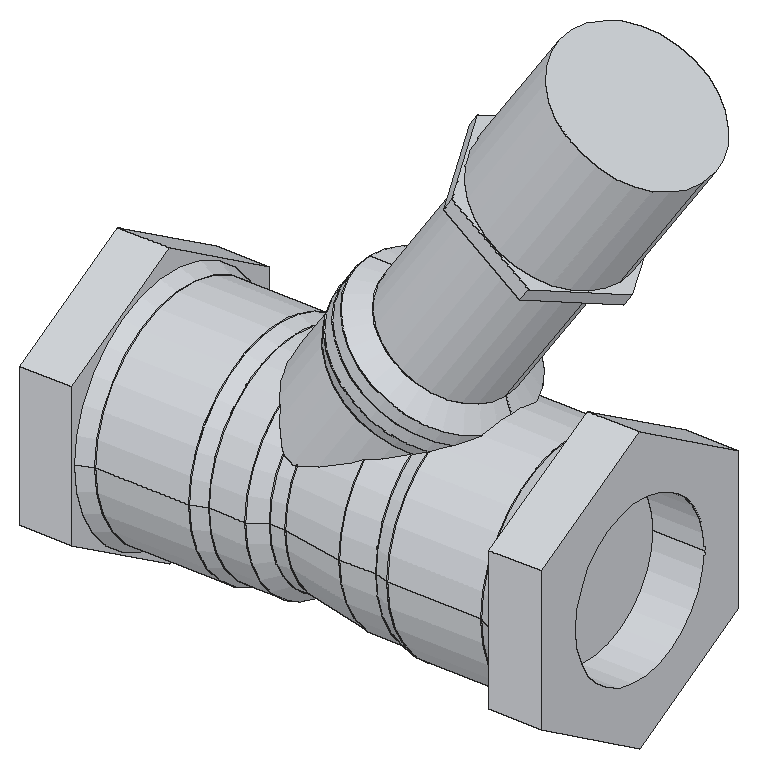
Revit family "DPRV_DN032_RFA_2019", category Pipe Accessories, Revit 2019
Family settings
  Round Connector Dimension = Use Diameter
  Part Type = Valve - Breaks Into
  Work Plane-Based = No
  Always vertical = Yes
  Cut with Voids When Loaded = No
  Shared = No
Parameters (values of type "DPRV-DN32")
  magiProductId = "4b273c145a0a4466be66f0b82dd13f"
  magiProductFamilyId = "2368235d042246b783f613dde97580"
  magiPartTypeId = 304
  isMeasuringValve [instance] = no
  ang2D [instance] = 0.00°
  Z1 = 28.27 mm
  Y6 = 23.8 mm
  Y5 = 21.4 mm
  Y3 = 22.4 mm
  Y15 = 15.759 mm
  Y14 = 18.54 mm
  Y12 = 13.39 mm
  Y11 = 17.51 mm
  Y10 = 16.48 mm
  Y0 = 19.26 mm
  XT0 = 8 mm
  X7 = 7.21 mm
  X6__ve = -X6  # -18.54 mm
  X6 = 18.54 mm
  X3 = 3.09 mm
  X1__ve = -X1  # -10.3 mm
  X1 = 10.3 mm
  X0 = 51.5 mm
  W2D = 15 mm
  VersionID = "2.0/2018.12.13.2/FRESE_DPRV_001"
  Use Minimum Symbol Size [instance] = no
  URL = "www.hydronix.cz"
  Type Comments = "závitový s vnitřním závitem; PN25; dpmax=600kPa; -20~+120°C"
  QmdConnectorList = "301;D;302;D"
  Productdata [instance] = ""
  Manufacturer = "Hydronix"
  MC Use Limits From Balancing Method = no
  MC Throttling Minimum Value = 0
  MC Throttling Maximum Value = 0
  MC Product Code = "48-0078; DN32 FF; nastavitelný rozsah 10-60kPa; kvs=10,5"
  MC Pressure Drop Minimum Value = 0.0 Pa
  MC Pressure Drop Maximum Value = 0.0 Pa
  MC Piping Given Pressure Drop [instance] = 0.0 Pa
  L3 = 28 mm
  L2D_Min = 30.48 mm
  L2D = 70 mm
  H6 = 33.27 mm
  H5 = 2.827 mm
  H2 = 23.558 mm
  Description = "Nastavitelný přepouštěcí ventil"
  DT2 = 16 mm
  D = 32 mm
  CenSd_Y14_6 = Y14 * cos(30.00°)  # 16.056 mm
  CenSd_L3_6 = L3 * cos(30.00°)  # 24.249 mm
  AA3 = 4.131 mm
  AA2 = 7.203 mm
Types (4, lengths in mm): name | magiProductId | Z1 | Y6 | Y5 | Y3 | Y15 | Y14 | Y12 | Y11 | Y10 | Y0 | X7 | X6__ve | X6 | X3 | X1__ve | X1 | X0 | MC Product Code | L3 | H6 | H5 | H2 | DT2 | D | CenSd_Y14_6 | CenSd_L3_6 | AA3 | AA2
  DPRV-DN15 | "0a1695ce379549c5bda4e9817c8a32" | 26.012 | 12.75 | 11 | 12 | 10.71 | 12.6 | 9.1 | 11.9 | 11.2 | 9.9 | 4.9 | -12.6 | 12.6 | 2.1 | -7 | 7 | 35 | "48-0075; DN15 FF; nastavitelný rozsah 10-60kPa; kvs=3,5" | 15 | 31.012 | 2.601 | 21.677 | 7.5 | 15 | 10.912 | 12.99 | 2.941 | 5.127
  DPRV-DN20 | "7bf90d6895024d90850a4e7c13d0c4" | 26.304 | 15.3 | 13.4 | 14.4 | 11.934 | 14.04 | 10.14 | 13.26 | 12.48 | 12.06 | 5.46 | -14.04 | 14.04 | 2.34 | -7.8 | 7.8 | 39 | "48-0076; DN20 FF; nastavitelný rozsah 10-60kPa; kvs=3,7" | 18 | 31.304 | 2.63 | 21.92 | 10 | 20 | 12.159 | 15.588 | 3.081 | 5.371
  DPRV-DN25 | "8f5d2c47d0804d84a9ee1a0f7163ce" | 28.345 | 19.55 | 17.4 | 18.4 | 13.311 | 15.66 | 11.31 | 14.79 | 13.92 | 15.66 | 6.09 | -15.66 | 15.66 | 2.61 | -8.7 | 8.7 | 43.5 | "48-0077; DN25 FF; nastavitelný rozsah 10-60kPa; kvs=8,3" | 23 | 33.345 | 2.835 | 23.621 | 12.5 | 25 | 13.562 | 19.919 | 3.991 | 6.958
  DPRV-DN32 | "4b273c145a0a4466be66f0b82dd13f" | 28.27 | 23.8 | 21.4 | 22.4 | 15.759 | 18.54 | 13.39 | 17.51 | 16.48 | 19.26 | 7.21 | -18.54 | 18.54 | 3.09 | -10.3 | 10.3 | 51.5 | "48-0078; DN32 FF; nastavitelný rozsah 10-60kPa; kvs=10,5" | 28 | 33.27 | 2.827 | 23.558 | 16 | 32 | 16.056 | 24.249 | 4.131 | 7.203
Reference planes
  plane 1 "Center (Front/Back)": y = 0
  plane 2 "XYPLANE": z = 0
  plane 3 "Center (Left/Right)": x = 0
  plane 4 "733": through (-616.734, 0, 426.798) normal (0.5736, 0, 0.8192)
  plane 5 "722": through (-614.364, 0, 430.182) normal (0.5736, 0, 0.8192)
  plane 6 "680": through (-594.366, 0, 458.743) normal (0.5736, 0, 0.8192)
  plane 7 "673": through (-573.661, 0, 488.312) normal (0.5736, 0, 0.8192)
  plane 8 "667": x = 9.27
  plane 9 "666": x = -3.09
  plane 10 "664": x = -6.18
  plane 11 "662": x = -9.27
  plane 12 "540": through (-597.609, 0, 454.112) normal (0.5736, 0, 0.8192)
  plane 13 "539": through (-575.283, 0, 485.996) normal (0.5736, 0, 0.8192)
  plane 14 "535": through (-595.987, 0, 456.427) normal (0.5736, 0, 0.8192)
  plane 15 "531": through (-599.23, 0, 451.796) normal (0.5736, 0, 0.8192)
  plane 16 "528": through (-600.852, 0, 449.48) normal (0.5736, 0, 0.8192)
  plane 17 "512": y = 0
  plane 18 "510": through (424.282, 0, 618.495) normal (0.8192, 0, -0.5736)
  plane 19 "369": x = 16.48
  plane 20 "367": x = 19.57
  plane 21 "366": x = 41.2
  plane 22 "365": x = 38.11
  plane 23 "354": x = -16.48
  plane 24 "54": x = -19.57
  plane 25 "49": x = -38.11
  plane 26 "18": x = -41.2
  plane 27 "8": x = 51.5
  plane 28 "7": x = -51.5
  plane 29 "3": z = 0
  plane 30 "2": y = 0
  plane 31 "507XY": through (-614.364, 0, 430.182) normal (0.5736, 0, 0.8192)
  plane 32 "507XZ": y = 0
  plane 33 "507YZ": through (430.182, 0, 614.364) normal (0.8192, 0, -0.5736)
Forms (mm)
  Extrusion 1, solid
    sketch origin (-573.661, 0, 488.312) x (0.819152, 0, -0.573576) y (0, 1, 0)
      loop
        circle (742.797, 0) r 15.759
    from 0 to 28.27 <- "Z1"
  Extrusion 2, solid
    sketch origin (-575.283, 0, 485.996) x (0.819152, 0, -0.573576) y (0, 1, 0)
      loop
        line (761.337, 0) -> (752.067, 16.056) -> (733.527, 16.056) -> (724.257, 0) -> (733.527, -16.056) -> (752.067, -16.056) -> (761.337, 0)
    from 0 to 2.827 <- "H5"
  Blend 3, solid
    base sketch origin (-595.987, 0, 456.427) x (0.819152, 0, -0.573576) y (0, 1, 0)
      loop
        circle (742.797, 0) r 17.51
    top sketch origin (-595.987, 0, 456.427) x (0.819152, 0, -0.573576) y (0, 1, 0)
      loop
        circle (742.797, 0) r 13.39
    from 0 to 2.827
  Blend 4, solid
    base sketch origin (-600.852, 0, 449.48) x (0.819152, 0, -0.573576) y (0, 1, 0)
      loop
        circle (742.797, 0) r 16.48
    top sketch origin (-600.852, 0, 449.48) x (0.819152, 0, -0.573576) y (0, 1, 0)
      loop
        circle (742.797, 0) r 17.51
    from 0 to 2.827
  Blend 5, solid
    base sketch origin (-3.09, -750, 0) x (0, 1, 0) y (0, 0, 1)
      loop
        circle (750, 0) r 19.26
    top sketch origin (-3.09, -750, 0) x (0, 1, 0) y (0, 0, 1)
      loop
        circle (750, 0) r 21.4
    from 0 to 12.36
  Extrusion 6, solid
    sketch origin (-6.18, -750, 0) x (0, 1, 0) y (0, 0, 1)
      loop
        circle (750, 0) r 19.26
    from 0 to 3.09 <- "X3"
  Blend 7, solid
    base sketch origin (-9.27, -750, 0) x (0, 1, 0) y (0, 0, 1)
      loop
        circle (750, 0) r 21.4
    top sketch origin (-9.27, -750, 0) x (0, 1, 0) y (0, 0, 1)
      loop
        circle (750, 0) r 19.26
    from 0 to 3.09
  Extrusion 8, solid
    sketch origin (9.27, -750, 0) x (0, 1, 0) y (0, 0, 1)
      loop
        circle (750, 0) r 21.4
    from 0 to 7.21 <- "X7"
  Blend 9, solid
    base sketch origin (-614.364, 0, 430.182) x (0.819152, 0, -0.573576) y (0, 1, 0)
      loop
        circle (742.797, 0) r 16.48
    top sketch origin (-614.364, 0, 430.182) x (0.819152, 0, -0.573576) y (0, 1, 0)
      loop
        circle (742.797, 0) r 8
    from 0 to -4.131
  Extrusion 10, solid
    sketch origin (-594.366, 0, 458.743) x (0.819152, 0, -0.573576) y (0, 1, 0)
      loop
        circle (742.797, 0) r 13.39
    from 0 to 33.27 <- "H6"
  Extrusion 11, solid
    sketch origin (-597.609, 0, 454.112) x (0.819152, 0, -0.573576) y (0, 1, 0)
      loop
        circle (742.797, 0) r 17.51
    from 0 to 2.827 <- "H5"
  Extrusion 12, solid
    sketch origin (-599.23, 0, 451.796) x (0.819152, 0, -0.573576) y (0, 1, 0)
      loop
        circle (742.797, 0) r 17.51
    from 0 to 2.827 <- "H5"
  Extrusion 13, solid
    sketch origin (-614.364, 0, 430.182) x (0.819152, 0, -0.573576) y (0, 1, 0)
      loop
        circle (742.797, 0) r 16.48
    from 0 to 23.558 <- "H2"
  Blend 14, solid
    base sketch origin (19.57, -750, 0) x (0, 1, 0) y (0, 0, 1)
      loop
        circle (750, 0) r 22.4
    top sketch origin (19.57, -750, 0) x (0, 1, 0) y (0, 0, 1)
      loop
        circle (750, 0) r 21.4
    from 0 to -3.09
  Extrusion 15, solid
    sketch origin (38.11, -750, 0) x (0, 1, 0) y (0, 0, 1)
      loop
        circle (750, 0) r 22.4
    from 0 to -18.54 <- "X6__ve"
  Extrusion 16, solid
    sketch origin (-16.48, -750, 0) x (0, 1, 0) y (0, 0, 1)
      loop
        circle (750, 0) r 21.4
    from 0 to 7.21 <- "X7"
  Extrusion 17, solid
    sketch origin (-38.11, -750, 0) x (0, 1, 0) y (0, 0, 1)
      loop
        circle (750, 0) r 22.4
    from 0 to 18.54 <- "X6"
  Blend 18, solid
    base sketch origin (-19.57, -750, 0) x (0, 1, 0) y (0, 0, 1)
      loop
        circle (750, 0) r 22.4
    top sketch origin (-19.57, -750, 0) x (0, 1, 0) y (0, 0, 1)
      loop
        circle (750, 0) r 21.4
    from 0 to 3.09
  Extrusion 19, solid
    sketch origin (-51.5, -750, 0) x (0, 1, 0) y (0, 0, 1)
      loop
        line (750, 28) -> (725.751, 14) -> (725.751, -14) -> (750, -28) -> (774.249, -14) -> (774.249, 14) -> (750, 28)
      loop
        circle (750, 0) r 16
    from 0 to 10.3 <- "X1"
  Blend 20, solid
    base sketch origin (41.2, -750, 0) x (0, 1, 0) y (0, 0, 1)
      loop
        circle (750, 0) r 23.8
    top sketch origin (41.2, -750, 0) x (0, 1, 0) y (0, 0, 1)
      loop
        circle (750, 0) r 22.4
    from 0 to -3.09
  Extrusion 21, solid
    sketch origin (51.5, -750, 0) x (0, 1, 0) y (0, 0, 1)
      loop
        line (750, 28) -> (725.751, 14) -> (725.751, -14) -> (750, -28) -> (774.249, -14) -> (774.249, 14) -> (750, 28)
      loop
        circle (750, 0) r 16
    from 0 to -10.3 <- "X1__ve"
  Blend 22, solid
    base sketch origin (-41.2, -750, 0) x (0, 1, 0) y (0, 0, 1)
      loop
        circle (750, 0) r 23.8
    top sketch origin (-41.2, -750, 0) x (0, 1, 0) y (0, 0, 1)
      loop
        circle (750, 0) r 22.4
    from 0 to 3.09
  Extrusion 23, solid, not visible
    sketch origin (51.5, -750, 0) x (0, 1, 0) y (0, 0, 1)
      loop
        circle (750, 0) r 10
    from 0 to -10
  Extrusion 24, solid, not visible
    sketch origin (-51.5, -750, 0) x (0, 1, 0) y (0, 0, 1)
      loop
        circle (750, 0) r 10
    from 0 to 10
Lines and regions (mm)
  reference lines, not visible
    curve 1: circle (2, 2, 0) r 1 normal (0, 0, 1)
  reference lines
    curve 2: line (33.181, 0, 59.945) -> (30.601, 5.456, 61.752)
    curve 3: line (33.181, 0, 59.945) -> (28.021, 0, 63.558)
    curve 4: line (33.181, 0, 59.945) -> (30.601, -5.456, 61.752)
    curve 5: line (-51.5, 0, 0) -> (-51.5, -6.495, -3.75)
    curve 6: line (-51.5, 0, 0) -> (-51.5, 0, -7.5)
    curve 7: line (-51.5, 0, 0) -> (-51.5, 6.495, -3.75)
    curve 8: line (51.5, 0, 0) -> (51.5, -6.495, -3.75)
    curve 9: line (51.5, 0, 0) -> (51.5, 0, -7.5)
    curve 10: line (51.5, 0, 0) -> (51.5, 6.495, -3.75)
Dimensions and locks
  plane 1 "Center (Front/Back)" to curve 1 = 2 mm
  "AA3": plane 31 "507XY" to plane 4 "733"
  locked: plane 31 "507XY" to plane 5 "722"
  "H5": plane 14 "535" to plane 6 "680"
  "H5": plane 13 "539" to plane 7 "673"
  "X7": plane 19 "369" to plane 8 "667"
  "X3": plane 10 "664" to plane 9 "666"
  "X3": plane 11 "662" to plane 10 "664"
  "X7": plane 23 "354" to plane 11 "662"
  "H5": plane 15 "531" to plane 12 "540"
  "H6": plane 6 "680" to plane 13 "539"
  "H5": plane 12 "540" to plane 14 "535"
  "H5": plane 16 "528" to plane 15 "531"
  "H2": plane 31 "507XY" to plane 16 "528"
  locked: plane 32 "507XZ" to plane 17 "512"
  "AA2": plane 33 "507YZ" to plane 18 "510"
  "X3": plane 20 "367" to plane 19 "369"
  "X6": plane 22 "365" to plane 20 "367"
  "X1": plane 27 "8" to plane 21 "366"
  "X3": plane 21 "366" to plane 22 "365"
  "X3": plane 24 "54" to plane 23 "354"
  "X6": plane 25 "49" to plane 24 "54"
  "X3": plane 26 "18" to plane 25 "49"
  "X1": plane 28 "7" to plane 26 "18"
  "X0": plane 3 "Center (Left/Right)" to plane 27 "8"
  "X0": plane 3 "Center (Left/Right)" to plane 28 "7"
  locked: plane 2 "XYPLANE" to plane 29 "3"
  locked: plane 1 "Center (Front/Back)" to plane 30 "2"
  "CenSd_Y14_6": curve 2 to Extrusion 2 sketch curve  (x2)
  "CenSd_Y14_6": curve 3 to Extrusion 2 sketch curve  (x2)
  "CenSd_Y14_6": curve 4 to Extrusion 2 sketch curve  (x2)
  Extrusion 2 sketch curve to Extrusion 2 sketch curve = 0 mm  (x12)
  "CenSd_L3_6": curve 5 to Extrusion 19 sketch curve  (x2)
  "CenSd_L3_6": curve 6 to Extrusion 19 sketch curve  (x2)
  "CenSd_L3_6": curve 7 to Extrusion 19 sketch curve  (x2)
  Extrusion 19 sketch curve to Extrusion 19 sketch curve = 0 mm  (x12)
  "CenSd_L3_6": curve 8 to Extrusion 21 sketch curve  (x2)
  "CenSd_L3_6": curve 9 to Extrusion 21 sketch curve  (x2)
  "CenSd_L3_6": curve 10 to Extrusion 21 sketch curve  (x2)
  Extrusion 21 sketch curve to Extrusion 21 sketch curve = 0 mm  (x12)
  "Y15": radius of Extrusion 1 sketch curve
  "Y12": radius of Blend 3 sketch curve
  "Y11": radius of Blend 3 sketch curve
  "Y11": radius of Blend 4 sketch curve
  "Y10": radius of Blend 4 sketch curve
  "Y5": radius of Blend 5 sketch curve
  "Y0": radius of Blend 5 sketch curve
  "Y0": radius of Extrusion 6 sketch curve
  "Y0": radius of Blend 7 sketch curve
  "Y5": radius of Blend 7 sketch curve
  "Y5": radius of Extrusion 8 sketch curve
  "XT0": radius of Blend 9 sketch curve
  "Y10": radius of Blend 9 sketch curve
  "Y12": radius of Extrusion 10 sketch curve
  "Y11": radius of Extrusion 11 sketch curve
  "Y11": radius of Extrusion 12 sketch curve
  "Y10": radius of Extrusion 13 sketch curve
  "Y5": radius of Blend 14 sketch curve
  "Y3": radius of Blend 14 sketch curve
  "Y3": radius of Extrusion 15 sketch curve
  "Y5": radius of Extrusion 16 sketch curve
  "Y3": radius of Extrusion 17 sketch curve
  "Y5": radius of Blend 18 sketch curve
  "Y3": radius of Blend 18 sketch curve
  "DT2": radius of Extrusion 19 sketch curve
  "Y3": radius of Blend 20 sketch curve
  "Y6": radius of Blend 20 sketch curve
  "DT2": radius of Extrusion 21 sketch curve
  "Y3": radius of Blend 22 sketch curve
  "Y6": radius of Blend 22 sketch curve
  locked: curve 3 to curve 2 (angle 60.00°)
  locked: curve 4 to curve 3 (angle 60.00°)
  locked: curve 4 to curve 2 (angle 120.00°)
  locked: curve 6 to curve 5 (angle 60.00°)
  locked: curve 7 to curve 6 (angle 60.00°)
  locked: curve 7 to curve 5 (angle 120.00°)
  locked: curve 9 to curve 8 (angle 60.00°)
  locked: curve 10 to curve 9 (angle 60.00°)
  locked: curve 10 to curve 8 (angle 120.00°)
  aligned and locked: level to plane 2 "XYPLANE"
  aligned and locked: plane 17 "512" to Extrusion 1 sketch curve
  aligned and locked: Extrusion 1 sketch curve to plane 18 "510"
  aligned and locked: curve 2 to plane 18 "510"
  aligned and locked: plane 17 "512" to curve 3
  aligned and locked: plane 17 "512" to Blend 3 sketch curve  (x2)
  aligned and locked: Blend 3 sketch curve to plane 18 "510"  (x2)
  aligned and locked: plane 6 "680" to Blend 3
  aligned and locked: plane 17 "512" to Blend 4 sketch curve  (x2)
  aligned and locked: Blend 4 sketch curve to plane 18 "510"  (x2)
  aligned and locked: plane 15 "531" to Blend 4
  aligned and locked: plane 29 "3" to Blend 5 sketch curve  (x2)
  aligned and locked: Blend 5 sketch curve to plane 30 "2"  (x2)
  aligned and locked: plane 8 "667" to Blend 5
  aligned and locked: plane 29 "3" to Extrusion 6 sketch curve
  aligned and locked: Extrusion 6 sketch curve to plane 30 "2"
  aligned and locked: plane 29 "3" to Blend 7 sketch curve  (x2)
  aligned and locked: Blend 7 sketch curve to plane 30 "2"  (x2)
  aligned and locked: plane 10 "664" to Blend 7
  aligned and locked: plane 29 "3" to Extrusion 8 sketch curve
  aligned and locked: Extrusion 8 sketch curve to plane 30 "2"
  aligned and locked: plane 17 "512" to Blend 9 sketch curve  (x2)
  aligned and locked: Blend 9 sketch curve to plane 18 "510"  (x2)
  aligned and locked: Blend 9 to plane 4 "733"
  aligned and locked: plane 17 "512" to Extrusion 10 sketch curve
  aligned and locked: Extrusion 10 sketch curve to plane 18 "510"
  aligned and locked: plane 17 "512" to Extrusion 11 sketch curve
  aligned and locked: Extrusion 11 sketch curve to plane 18 "510"
  aligned and locked: plane 17 "512" to Extrusion 12 sketch curve
  aligned and locked: Extrusion 12 sketch curve to plane 18 "510"
  aligned and locked: plane 17 "512" to Extrusion 13 sketch curve
  aligned and locked: Extrusion 13 sketch curve to plane 18 "510"
  aligned and locked: plane 29 "3" to Blend 14 sketch curve  (x2)
  aligned and locked: Blend 14 sketch curve to plane 30 "2"  (x2)
  aligned and locked: Blend 14 to plane 19 "369"
  aligned and locked: plane 29 "3" to Extrusion 15 sketch curve
  aligned and locked: Extrusion 15 sketch curve to plane 30 "2"
  aligned and locked: plane 29 "3" to Extrusion 16 sketch curve
  aligned and locked: Extrusion 16 sketch curve to plane 30 "2"
  aligned and locked: plane 29 "3" to Extrusion 17 sketch curve
  aligned and locked: Extrusion 17 sketch curve to plane 30 "2"
  aligned and locked: plane 29 "3" to Blend 18 sketch curve  (x2)
  aligned and locked: Blend 18 sketch curve to plane 30 "2"  (x2)
  aligned and locked: plane 23 "354" to Blend 18
  aligned and locked: plane 29 "3" to curve 7
  aligned and locked: curve 7 to plane 30 "2"
  aligned and locked: plane 29 "3" to Extrusion 19 sketch curve
  aligned and locked: Extrusion 19 sketch curve to plane 30 "2"
  aligned and locked: plane 29 "3" to Blend 20 sketch curve  (x2)
  aligned and locked: Blend 20 sketch curve to plane 30 "2"  (x2)
  aligned and locked: Blend 20 to plane 22 "365"
  aligned and locked: plane 29 "3" to curve 10
  aligned and locked: curve 10 to plane 30 "2"
  aligned and locked: plane 29 "3" to Extrusion 21 sketch curve
  aligned and locked: Extrusion 21 sketch curve to plane 30 "2"
  aligned and locked: plane 29 "3" to Blend 22 sketch curve  (x2)
  aligned and locked: Blend 22 sketch curve to plane 30 "2"  (x2)
  aligned and locked: plane 25 "49" to Blend 22
  aligned and locked: plane 29 "3" to Extrusion 23 sketch curve
  aligned and locked: Extrusion 23 sketch curve to plane 30 "2"
  aligned and locked: plane 29 "3" to Extrusion 24 sketch curve
  aligned and locked: Extrusion 24 sketch curve to plane 30 "2"
Automatic sketch dimensions
  plane 1 "Center (Front/Back)" to Extrusion 23 sketch curve = 10 mm
  plane 1 "Center (Front/Back)" to Extrusion 24 sketch curve = 10 mm
  plane 3 "Center (Left/Right)" to curve 1 = 2 mm
  radius of curve 1 = 1 mm
Connectors
  piping at (-51.5, 0, 0), diameter 32, driven by "D"
    settings: on Extrusion 24, index 1, connector inside diameter 609.6 mm, connector length 0 mm, flow factor 0, pipe flow 0.0 L/s, pressure drop 0.0 Pa, fitting loss kfactor 0, connector angle 0.00°, fixture units 0, engagement length 0 mm, angle of deflection 0.00°, flow configuration 0, flow direction 0, fitting loss method 0, system type 29, joint type 0, gender type 0, connector reference index 2, connector utility 0, adjustable connector no, is connector primary yes, connector description ""
  piping at (51.5, 0, 0), diameter 32, driven by "D"
    settings: on Extrusion 23, index 2, connector inside diameter 609.6 mm, connector length 0 mm, flow factor 0, pipe flow 0.0 L/s, pressure drop 0.0 Pa, fitting loss kfactor 0, connector angle 0.00°, fixture units 0, engagement length 0 mm, angle of deflection 0.00°, flow configuration 0, flow direction 0, fitting loss method 0, system type 29, joint type 0, gender type 0, connector reference index 1, connector utility 0, adjustable connector no, is connector primary no, connector description ""
